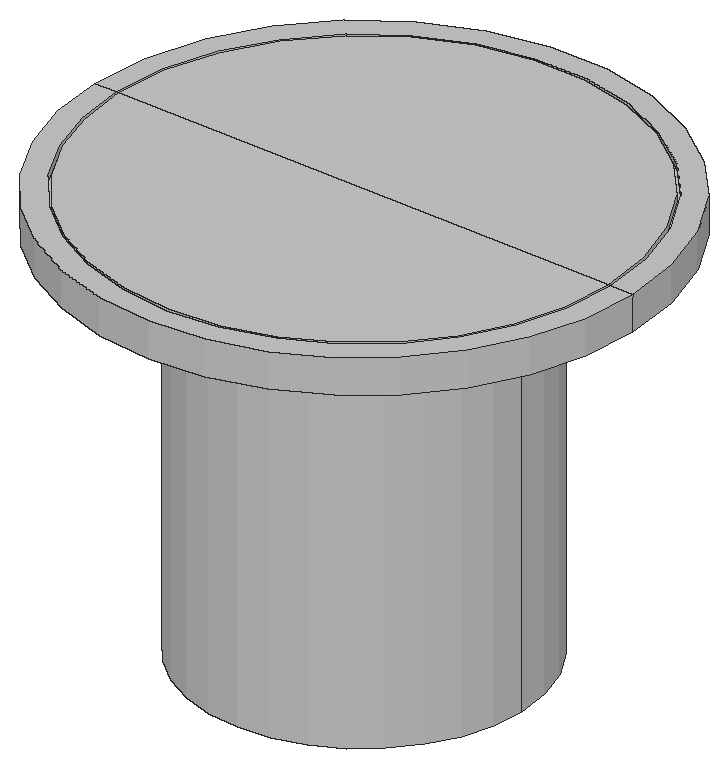
Revit family "9649", category Plumbing Fixtures, Revit 2014
Parameters (values of type "9649")
  Width = 8"
  Waste Connection = yes
  WFU = 0
  Vent Connection = no
  URL = "http://www.jrsmith.com"
  Product Page URL = "https://www.jrsmith.com/9649-stainless-steel-cleanout"
  Product Documentation Link = "https://www.jrsmith.com/uploads/fileLibrary/d9649.pdf"
  Model = "9649"
  Material = Metal-Jay R Smith-Type 304-Stainless Steel
  Manufacturer = "Jay R Smith"
  Length = 8"
  Height = 6 1/8"
  HWFU = 0
  HW Connection = yes
  Description = "Stainless Steel Cleanout"  # constant formula
  Connection Size = 4"
  Connection Radius = Connection Size / 2  # 2"
  CWFU = 0
  CW Connection = yes
Reference planes (in)
  plane 1 "Center (Front/Back)": y = 0
  plane 2: z = 0
  plane 3 "Center (Left/Right)": x = 0
  plane 4: z = -6.125
  plane 5: z = -0.5
  plane 6: x = -4
  plane 7: x = 4
  plane 8: x = -2
  plane 9: x = 2
Forms (in)
  Revolve 1, solid, material "Metal-Jay R Smith-Type 304-Stainless Steel"
    sketch origin (0, 0, 0) x (1, 0, 0) y (0, 0, 1)
      loop
        line (0, 0) -> (-3.63649, 0) -> (-3.63649, -0.07868) -> (-3.67424, -0.07868) -> (-3.67424, 0) -> (-4, 0) -> (-4, -0.5) -> (-3.09694, -0.5) -> (-3.09694, -0.65026) -> (-2.34694, -0.65026) -> (-2.34694, -6.125) -> (-2, -6.125) -> (-2, -0.61562) -> (-2.11562, -0.5) -> (-2.11562, -0.25) -> (-3.51066, -0.25) -> (-3.51066, -0.19964) -> (-3.67424, -0.19964) -> (-3.67424, -0.16624) -> (0, -0.16624) -> (0, 0)
      axis (0, -6.125) -> (0, 0)
    angle from 0 to 360
Dimensions and locks (in)
  plane 2 to plane 4 = 6 1/8"
  plane 2 to plane 5 = 1/2"
  plane 7 to plane 6 = 8"
  plane 9 to plane 8 = 4"
Connectors (in)
  piping at (0, 0, -6.125), diameter 4, driven by "Connection Size"
    settings: on Revolve 1, index 1, connector inside diameter 24", connector length 0", flow factor 0, pipe flow 0 GPM, pressure drop 0.00 psi, fitting loss kfactor 0, connector angle 0.00°, fixture units 0, engagement length 0", angle of deflection 0.00°, flow configuration 1, flow direction 2, fitting loss method 0, system type 16, joint type 0, gender type 0, connector reference index -1, connector utility 0, adjustable connector no, is connector primary yes, connector description "Outlet Connection"
